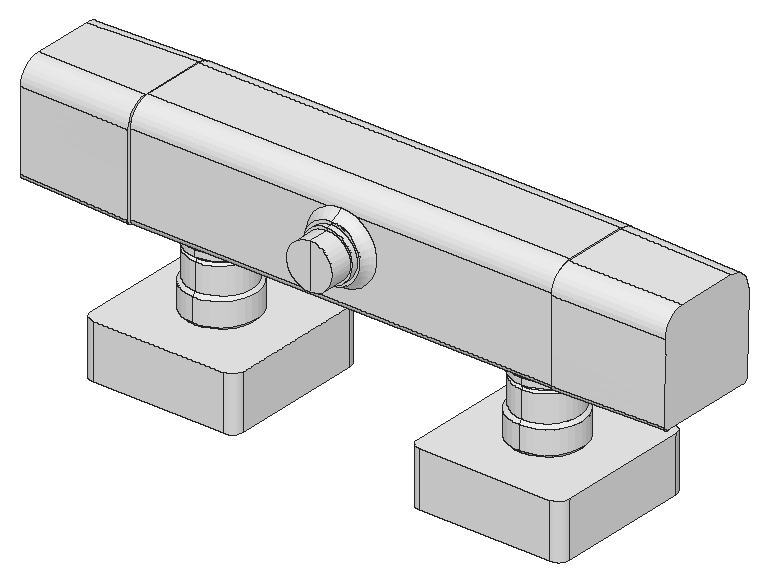
Revit family "ShowerMixer_Square_Ss3_Thermostatic_Vitra_AquaHeatSeries-A47160", category Plumbing Fixtures, host Face, Revit 2017
Family settings
  Host = Face
  Round Connector Dimension = Use Diameter
  Part Type = Normal
  OmniClass Number = 23.45.55.17
  OmniClass Title = Mixing Faucets
  Cut with Voids When Loaded = No
  Shared = Yes
  Room Calculation Point = No
Parameters (values of type "ShowerMixer_Square_Ss3_Thermostatic_Vitra_AquaHeatSeries-A47160")
  Youtube = "https://www.youtube.com/user/VitrAglobal"
  Weight Net (kg) = "2.5"
  Waste Connection = no
  Warranty Period (Year) = "10 Years"
  Vent Connection = no
  Uniformat II Description = "Plumbing Fixture"
  Uniformat II Code = "22 40 00"
  Uniclass 2015 Name = "Bath taps"
  Uniclass 2015 Code = "Pr_40_20_87_09"
  Uniclass 2.0 Description = "Bath taps"
  Uniclass 2.0 Code = "Pr_40_20_87_09"
  Uniclass 1.4 Description = "Mixer taps"
  Uniclass 1.4 Code = "L725111"
  URL = "https://vitraglobal.com/"
  UNSPSC Description = ""
  UNSPSC Code = ""
  Test Pressure = "16 bar"
  Technical description = "https://www.vitra.com.tr/pdf/A47160/"
  Tap hole Options (default) = ""
  Specification = ""
  Region South America = "All"
  Region Oceania = "All"
  Region North America = "All"
  Region Middle East = "All"
  Region Europe = "All"
  Region Asia = "All"
  Region Antarctica = "All"
  Region Africa = "All"
  Range of flow pressure = "1 - 5 bar"
  Range of Hot Water Supply = "5 - 65 °C"
  Product url = ""
  Product manual = ""
  Product group = "AquaHeat Shower Mixer"
  Product family = "AquaHeat"
  Product data url = "https://www.vitra.com.tr/armaturler/yikanma-alani-bataryalari/termostatik-bataryalar/aquaheat-ss3-dus-bataryasi-sku-A47160/"
  Product certification = "https://www.vitraglobal.com/brochures/"
  Product Type = "Shower Mixer"
  Product SKU = "A47160"
  Product Properties = "Water Saving"
  Product Guid = ""
  OmniClass Description = "Mixing Faucets"
  OmniClass Code = "23.45.55.17"
  Number Of Connections = "2"
  Nominal Width (mm) = 295 mm
  Nominal Height (mm) = 78 mm
  Nominal Depth (mm) = 112 mm
  NBS Referans Description = "Water supply fittings for baths"
  NBS Referans Code = "45-35-70/315"
  Mounting type = "Wall Mounted"
  Model = "A47160"
  Min. flow pressure of = "0.5 bar"
  Masterformat 2014 Description = "Plumbing Fixtures"
  Masterformat 2014 Code = "22 40 00"
  Manufacturer name = "Vitra"
  Manufacturer = "Vitra"
  Main Material = "Brass"
  Installation instructions = ""
  IFC Classification = "Sanitary Terminal"
  Hot Water temperature, factory set to = "38 °C"
  Hot Water Supply (max.) = "80 °C"
  Help = ""
  HW Connection = yes
  GTIP code = ""
  Flow Rate(L/min. - 3 bar) = ""
  Features = ""
  EAN code = ""
  Design country = "Turkey"
  Description = "Shower Mixer - Thermostatic - Square"
  Default Elevation = 850 mm
  Connection Diameter (mm) = 15 mm
  Color = "Chrome"
  Coating Material = Chrome
  Calculated flow = ""
  CW Connection = yes
  COBIe Type Category = ""
  Brand = "Artema"
  BIMobject category = "Bath/Shower Mixer"
  Article No. (default) = "A47160"
  Approvals = ""
  ApplicationType = ""
  Accessories (default) = ""
Types (3, lengths in mm): name | Warranty Period (Year) | Technical description | Product data url | Product SKU | Model | Brand | Article No. (default)
  ShowerMixer_Square_Ss3_Thermostatic_Vitra_AquaHeatSeries-A47160EXP | "7 Years" | "http://cdn.vitra.com.tr/501-A47160EKM-2A.jpg" | "https://www.vitra-bad.fr/fr/produits-sanitaires/page-de-detail/product/aquaheat-ss3-mitigeur-thermostatique-douche-chrome-ecoulement-douche-12-1.html" | "A47160EXP" | "A47160EXP" | "VitrA" | "A47160EXP"
  ShowerMixer_Square_Ss3_Thermostatic_Vitra_AquaHeatSeries-A47160EKM | "7 Years" | "http://cdn.vitra.com.tr/501-A47160EKM-2A.jpg" | "https://www.vitra-bad.fr/fr/produits-sanitaires/page-de-detail/product/aquaheat-ss3-mitigeur-thermostatique-douche-chrome-ecoulement-douche-12-1.html" | "A47160EKM" | "A47160EKM" | "VitrA" | "A47160EKM"
  ShowerMixer_Square_Ss3_Thermostatic_Vitra_AquaHeatSeries-A47160 | "10 Years" | "https://www.vitra.com.tr/pdf/A47160/" | "https://www.vitra.com.tr/armaturler/yikanma-alani-bataryalari/termostatik-bataryalar/aquaheat-ss3-dus-bataryasi-sku-A47160/" | "A47160" | "A47160" | "Artema" | "A47160"
Reference planes
  plane 1 "Center (Front/Back)": y = 0
  plane 2: z = 0
  plane 3 "Center (Left/Right)": x = 0
  plane 4: x = 146.821
  plane 5: x = -148.179
  plane 6: y = 35.272
  plane 7: y = -42.728
  plane 8: z = 112
Forms (mm)
  Extrusion 1, solid, material "Chrome" <- "Coating Material", detail levels medium+fine
    sketch origin (-75, 34.2, 0) x (1, 0, 0) y (0, 1, 0)
      loop
        arc (35, -4.2) -> (33.536, -0.664) -> (30, 0.8) r 5
        line (30, 0.8) -> (-30, 0.8)
        arc (-30, 0.8) -> (-33.536, -0.664) -> (-35, -4.2) r 5
        line (-35, -4.2) -> (-35, -65.2)
        arc (-35, -65.2) -> (-33.536, -68.736) -> (-30, -70.2) r 5
        line (-30, -70.2) -> (30, -70.2)
        arc (30, -70.2) -> (33.536, -68.736) -> (35, -65.2) r 5
        line (35, -65.2) -> (35, -4.2)
      loop
        arc (180, -70.2) -> (183.536, -68.736) -> (185, -65.2) r 5
        line (185, -65.2) -> (185, -4.2)
        arc (185, -4.2) -> (183.536, -0.664) -> (180, 0.8) r 5
        line (180, 0.8) -> (120, 0.8)
        arc (120, 0.8) -> (116.464, -0.664) -> (115, -4.2) r 5
        line (115, -4.2) -> (115, -65.2)
        arc (115, -65.2) -> (116.464, -68.736) -> (120, -70.2) r 5
        line (120, -70.2) -> (180, -70.2)
    from 0 to 25
  Blend 2, solid, material "Chrome" <- "Coating Material", detail levels medium+fine
    base sketch origin (97.402, -1.499, 84.295) x (0, 0, -1) y (0, -1, 0)
      loop
        line (21.78, -23.409) -> (21.795, 21.955)
        arc (21.795, 21.955) -> (21.209, 23.37) -> (19.795, 23.956) r 2
        line (19.795, 23.956) -> (-17.773, 23.956)
        arc (-17.773, 23.956) -> (-24.844, 21.027) -> (-27.773, 13.956) r 10
        line (-27.773, 13.956) -> (-27.773, -16.357)
        arc (-27.773, -16.357) -> (-24.754, -23.517) -> (-17.52, -26.354) r 10
        line (-17.52, -26.354) -> (19.831, -25.408)
        arc (19.831, -25.408) -> (21.212, -24.805) -> (21.78, -23.409) r 2
    top sketch origin (148.179, -1.531, 84.153) x (0, -1, 0) y (0, 0, -1)
      loop
        line (20.494, 21.168) -> (-22.624, 21.168)
        arc (-22.624, 21.168) -> (-24.02, 20.6) -> (-24.624, 19.218) r 2
        line (-24.624, 19.218) -> (-25.532, -16.642)
        arc (-25.532, -16.642) -> (-22.695, -23.876) -> (-15.535, -26.895) r 10
        line (-15.535, -26.895) -> (12.122, -26.895)
        arc (12.122, -26.895) -> (19.254, -23.904) -> (22.12, -16.72) r 10
        line (22.12, -16.72) -> (22.493, 19.203)
        arc (22.493, 19.203) -> (21.895, 20.594) -> (20.494, 21.168) r 2
    from 0 to 0
  Extrusion 3, solid, material "Chrome" <- "Coating Material", detail levels medium+fine
    sketch origin (97, -0.006, 87.522) x (0, 0, -1) y (0, 1, 0)
      loop
        arc (-24.546, -14.449) -> (-21.617, -21.52) -> (-14.546, -24.449) r 10
        line (-14.546, -24.449) -> (23.022, -24.449)
        arc (23.022, -24.449) -> (24.14, -24.185) -> (25.022, -23.448) r 2.499
        line (25.022, -23.448) -> (25.007, 21.916)
        arc (25.007, 21.916) -> (24.439, 23.312) -> (23.058, 23.915) r 2
        line (23.058, 23.915) -> (-14.293, 24.861)
        arc (-14.293, 24.861) -> (-21.527, 22.024) -> (-24.546, 14.864) r 10
        line (-24.546, 14.864) -> (-24.546, -14.449)
    from 0 to -194
  Blend 4, solid, material "Chrome" <- "Coating Material", detail levels medium+fine
    base sketch origin (-97.402, -1.499, 84.295) x (0, 0, -1) y (0, 1, 0)
      loop
        arc (21.78, 23.409) -> (21.212, 24.805) -> (19.831, 25.408) r 2
        line (19.831, 25.408) -> (-17.52, 26.354)
        arc (-17.52, 26.354) -> (-24.754, 23.517) -> (-27.773, 16.357) r 10
        line (-27.773, 16.357) -> (-27.773, -13.956)
        arc (-27.773, -13.956) -> (-24.844, -21.027) -> (-17.773, -23.956) r 10
        line (-17.773, -23.956) -> (19.795, -23.956)
        arc (19.795, -23.956) -> (21.209, -23.37) -> (21.795, -21.955) r 2
        line (21.795, -21.955) -> (21.78, 23.409)
    top sketch origin (-148.179, -1.531, 84.153) x (0, -1, 0) y (0, 0, 1)
      loop
        arc (20.494, -21.168) -> (21.895, -20.594) -> (22.493, -19.203) r 2
        line (22.493, -19.203) -> (22.12, 16.72)
        arc (22.12, 16.72) -> (19.254, 23.904) -> (12.122, 26.895) r 10
        line (12.122, 26.895) -> (-15.535, 26.895)
        arc (-15.535, 26.895) -> (-22.695, 23.876) -> (-25.532, 16.642) r 10
        line (-25.532, 16.642) -> (-24.624, -19.218)
        arc (-24.624, -19.218) -> (-24.02, -20.6) -> (-22.624, -21.168) r 2
        line (-22.624, -21.168) -> (20.494, -21.168)
    from 0 to 0
  Revolve 5, solid, material "Chrome" <- "Coating Material", detail levels fine
    sketch origin (-0.047, -41.728, 76.946) x (0, 0, 1) y (0, -1, 0)
      loop
        line (10.471, 1) -> (10.471, -16.898) -> (26.705, -16.898)
        arc (26.705, -16.898) -> (24.461, -14.589) -> (23.554, -11.5) r 6.695
        line (23.554, -11.5) -> (22.144, -11.5) -> (22.144, -9) -> (20.943, -9) -> (20.943, 1) -> (10.471, 1)
      axis (10.471, -16.898) -> (10.471, 1)
    angle from 0 to 360
  Revolve 6, solid, material "Chrome" <- "Coating Material", detail levels medium+fine
    sketch origin (-75, 35, 0) x (0, -1, 0) y (0, 0, 1)
      loop
        line (49.945, 25) -> (51.083, 26.138) -> (51.083, 36.846) -> (49.501, 38.428) -> (49.501, 50.499) -> (48.5, 51.5) -> (45, 51.5) -> (45, 53) -> (50, 53) -> (50, 55.77)
        arc (50, 55.77) -> (51.253, 60.053) -> (54.617, 62.985) r 7.947
        line (54.617, 62.985) -> (35, 62.985) -> (35, 25) -> (49.945, 25)
      axis (35, 62.985) -> (35, 25)
    angle from 0 to 360
  Revolve 7, solid, material "Chrome" <- "Coating Material", detail levels medium+fine
    sketch origin (75, 35, 0) x (0, -1, 0) y (0, 0, -1)
      loop
        line (49.945, -25) -> (35, -25) -> (35, -62.985) -> (54.617, -62.985)
        arc (54.617, -62.985) -> (51.253, -60.053) -> (50, -55.77) r 7.947
        line (50, -55.77) -> (50, -53) -> (45, -53) -> (45, -51.5) -> (48.5, -51.5) -> (49.501, -50.499) -> (49.501, -38.428) -> (51.083, -36.846) -> (51.083, -26.138) -> (49.945, -25)
      axis (35, -62.985) -> (35, -25)
    angle from 0 to 360
  Revolve 8, solid, material "Chrome" <- "Coating Material", detail levels fine
    sketch origin (-127.644, 31.853, 99.868) x (0, 0, -1) y (0, 1, 0)
      loop
        line (0.862, 0) -> (-0.132, 0) -> (-1.355, -1.026) -> (-1.355, -4.95)
        arc (-1.355, -4.95) -> (-1.948, -7.057) -> (-3.554, -8.546) r 4.04
        line (-3.554, -8.546) -> (12.368, -8.546) -> (12.368, 0) -> (12.368, 4.065)
        arc (12.368, 4.065) -> (6.813, 3.665) -> (1.348, 2.589) r 45.488
        arc (1.348, 2.589) -> (1.002, 2.363) -> (0.862, 1.975) r 0.651
        line (0.862, 1.975) -> (0.862, 0)
      axis (12.368, 4.065) -> (12.368, -8.546)
    angle from 0 to 360
  Revolve 9, solid, material "Chrome" <- "Coating Material", detail levels fine
    sketch origin (127.644, 31.853, 99.868) x (0, 0, -1) y (0, -1, 0)
      loop
        line (0.862, 0) -> (0.862, -1.975)
        arc (0.862, -1.975) -> (1.002, -2.363) -> (1.348, -2.589) r 0.651
        arc (1.348, -2.589) -> (6.813, -3.665) -> (12.368, -4.065) r 45.488
        line (12.368, -4.065) -> (12.368, 0) -> (12.368, 8.546) -> (-3.554, 8.546)
        arc (-3.554, 8.546) -> (-1.948, 7.057) -> (-1.355, 4.95) r 4.04
        line (-1.355, 4.95) -> (-1.355, 1.026) -> (-0.132, 0) -> (0.862, 0)
      axis (12.368, -4.065) -> (12.368, 8.546)
    angle from 0 to 360
  Extrusion 10, solid, detail levels coarse
    sketch origin (0, 0, 0) x (1, 0, 0) y (0, 1, 0)
      loop
        line (146.821, 35.272) -> (-148.179, 35.272) -> (-148.179, -42.728) -> (146.821, -42.728) -> (146.821, 35.272)
    from 0 to 112.068
Dimensions and locks
  "Nominal Width (mm)": plane 5 to plane 4
  "Nominal Height (mm)": plane 6 to plane 7
  "Nominal Depth (mm)": plane 8 to host face
  aligned and locked: plane 2 to host face
  aligned and locked: level to host face
Automatic sketch dimensions
  host sketch curve to host sketch curve = 2438.4 mm  (x2)
  Extrusion 1 sketch curve to plane 6 = 5.272 mm  (x2)
  Extrusion 1 sketch curve to plane 5 = 38.179 mm
  Extrusion 1 sketch curve to plane 6 = 0.272 mm
  Extrusion 1 sketch curve to Extrusion 1 sketch curve = 5 mm  (x5)
  plane 7 to Extrusion 1 sketch curve = 6.728 mm  (x2)
  Extrusion 1 sketch curve to plane 3 "Center (Left/Right)" = 45 mm  (x2)
  plane 3 "Center (Left/Right)" to Extrusion 1 sketch curve = 40 mm
  plane 4 to Extrusion 1 sketch curve = 41.821 mm  (x2)
  Blend 2 sketch curve to plane 1 "Center (Front/Back)" = 14.858 mm
  level to Blend 2 sketch curve = 112.068 mm
  Blend 2 sketch curve to Blend 2 sketch curve = 10 mm  (x4)
  Blend 2 sketch curve to plane 6 = 10.417 mm
  Blend 2 sketch curve to plane 6 = 13.363 mm
  Blend 2 sketch curve to Blend 2 sketch curve = 37.3 mm
  plane 7 to Blend 2 sketch curve = 17.273 mm
  Blend 2 sketch curve to Blend 2 sketch curve = 37.567 mm
  Blend 2 sketch curve to plane 6 = 11.363 mm
  Blend 2 sketch curve to Blend 2 sketch curve = 0.051 mm
  Blend 2 sketch curve to plane 6 = 13.362 mm
  plane 7 to Blend 2 sketch curve = 19.273 mm
  Blend 2 sketch curve to Blend 2 sketch curve = 2 mm  (x2)
  Blend 2 sketch curve to plane 6 = 11.271 mm
  Blend 2 sketch curve to plane 6 = 12.18 mm
  Blend 2 sketch curve to Blend 2 sketch curve = 1.999 mm
  Blend 2 sketch curve to plane 1 "Center (Front/Back)" = 14.004 mm
  plane 1 "Center (Front/Back)" to Blend 2 sketch curve = 13.653 mm
  plane 7 to Blend 2 sketch curve = 20.703 mm
  Blend 2 sketch curve to Blend 2 sketch curve = 9.998 mm
  level to Blend 2 sketch curve = 111.048 mm
  Blend 2 sketch curve to Blend 2 sketch curve = 35.81 mm
  Blend 2 sketch curve to Blend 2 sketch curve = 35.888 mm
  Blend 2 sketch curve to Blend 2 sketch curve = 0.035 mm
  plane 1 "Center (Front/Back)" to Extrusion 3 sketch curve = 14.455 mm
  level to Extrusion 3 sketch curve = 112.068 mm
  Extrusion 3 sketch curve to Extrusion 3 sketch curve = 10 mm  (x2)
  Extrusion 3 sketch curve to plane 6 = 10.417 mm
  Extrusion 3 sketch curve to Extrusion 3 sketch curve = 0.253 mm
  Extrusion 3 sketch curve to plane 6 = 13.363 mm
  Extrusion 3 sketch curve to Extrusion 3 sketch curve = 37.3 mm
  Extrusion 3 sketch curve to Extrusion 3 sketch curve = 37.567 mm
  Extrusion 3 sketch curve to plane 6 = 11.363 mm
  Extrusion 3 sketch curve to Extrusion 3 sketch curve = 0.051 mm
  Extrusion 3 sketch curve to plane 6 = 13.362 mm
  plane 7 to Extrusion 3 sketch curve = 19.273 mm
  Extrusion 3 sketch curve to Extrusion 3 sketch curve = 2 mm
  Blend 4 sketch curve to plane 1 "Center (Front/Back)" = 14.858 mm
  level to Blend 4 sketch curve = 112.068 mm
  Blend 4 sketch curve to Blend 4 sketch curve = 10 mm  (x2)
  Blend 4 sketch curve to plane 6 = 10.417 mm
  Blend 4 sketch curve to plane 6 = 13.363 mm
  Blend 4 sketch curve to Blend 4 sketch curve = 37.3 mm
  plane 7 to Blend 4 sketch curve = 17.273 mm
  Blend 4 sketch curve to Blend 4 sketch curve = 37.567 mm
  Blend 4 sketch curve to plane 6 = 11.363 mm
  Blend 4 sketch curve to Blend 4 sketch curve = 0.051 mm
  Blend 4 sketch curve to plane 6 = 13.362 mm
  plane 7 to Blend 4 sketch curve = 19.273 mm
  Blend 4 sketch curve to Blend 4 sketch curve = 2 mm  (x2)
  Blend 4 sketch curve to plane 6 = 11.271 mm
  Blend 4 sketch curve to plane 6 = 12.18 mm
  Blend 4 sketch curve to Blend 4 sketch curve = 1.999 mm
  Blend 4 sketch curve to plane 1 "Center (Front/Back)" = 14.004 mm
  plane 1 "Center (Front/Back)" to Blend 4 sketch curve = 13.653 mm
  plane 7 to Blend 4 sketch curve = 20.703 mm
  Blend 4 sketch curve to Blend 4 sketch curve = 9.998 mm
  level to Blend 4 sketch curve = 62.985 mm
  Blend 4 sketch curve to Blend 4 sketch curve = 1.949 mm
  Blend 4 sketch curve to Blend 4 sketch curve = 1.965 mm
  Blend 4 sketch curve to Blend 4 sketch curve = 35.86 mm
  Blend 4 sketch curve to Blend 4 sketch curve = 35.923 mm
  Blend 4 sketch curve to Blend 4 sketch curve = 0.175 mm
  Revolve 5 sketch curve to plane 7 = 0 mm
  level to Revolve 5 sketch curve = 87.418 mm
  Revolve 5 sketch curve to Revolve 5 sketch curve = 10.471 mm
  Revolve 5 sketch curve to Revolve 5 sketch curve = 1.201 mm
  Revolve 5 sketch curve to Revolve 5 sketch curve = 1.41 mm
  Revolve 5 sketch curve to Revolve 5 sketch curve = 3.152 mm
  Revolve 5 sketch curve to Revolve 5 sketch curve = 6.689 mm
  plane 7 to Revolve 5 sketch curve = 10 mm
  Revolve 5 sketch curve to Revolve 5 sketch curve = 2.213 mm
  Revolve 5 sketch curve to Revolve 5 sketch curve = 2.5 mm
  Revolve 5 sketch curve to Revolve 5 sketch curve = 0 mm
  Revolve 5 sketch curve to Revolve 5 sketch curve = 2.663 mm
  Revolve 5 sketch curve to Revolve 5 sketch curve = 3.713 mm
  Revolve 6 sketch curve to plane 1 "Center (Front/Back)" = 0 mm  (x2)
  plane 1 "Center (Front/Back)" to Revolve 6 sketch curve = 10 mm
  Revolve 6 sketch curve to Revolve 6 sketch curve = 3.5 mm
  Revolve 6 sketch curve to Revolve 6 sketch curve = 1.001 mm  (x2)
  Revolve 6 sketch curve to Revolve 6 sketch curve = 0.444 mm
  Revolve 6 sketch curve to Revolve 6 sketch curve = 1.5 mm  (x2)
  Revolve 6 sketch curve to Revolve 6 sketch curve = 1.138 mm  (x2)
  Revolve 6 sketch curve to Revolve 6 sketch curve = 4.617 mm
  Revolve 6 sketch curve to Revolve 6 sketch curve = 7.947 mm
  level to Revolve 6 sketch curve = 25 mm
  Revolve 6 sketch curve to Revolve 6 sketch curve = 10.709 mm
  Revolve 6 sketch curve to Revolve 6 sketch curve = 1.581 mm
  Revolve 6 sketch curve to Revolve 6 sketch curve = 12.071 mm
  Revolve 6 sketch curve to Revolve 6 sketch curve = 2.77 mm
  Revolve 6 sketch curve to Revolve 6 sketch curve = 4.489 mm
  Revolve 6 sketch curve to Revolve 6 sketch curve = 5.975 mm
  Revolve 7 sketch curve to plane 1 "Center (Front/Back)" = 0 mm  (x2)
  plane 1 "Center (Front/Back)" to Revolve 7 sketch curve = 10 mm
  Revolve 7 sketch curve to Revolve 7 sketch curve = 3.5 mm
  Revolve 7 sketch curve to Revolve 7 sketch curve = 1.001 mm  (x2)
  Revolve 7 sketch curve to Revolve 7 sketch curve = 0.444 mm
  Revolve 7 sketch curve to Revolve 7 sketch curve = 1.5 mm  (x2)
  Revolve 7 sketch curve to Revolve 7 sketch curve = 1.138 mm  (x2)
  Revolve 7 sketch curve to Revolve 7 sketch curve = 4.617 mm
  Revolve 7 sketch curve to Revolve 7 sketch curve = 7.947 mm
  level to Revolve 7 sketch curve = 62.985 mm
  Revolve 7 sketch curve to Revolve 7 sketch curve = 2.77 mm
  Revolve 7 sketch curve to Revolve 7 sketch curve = 12.071 mm
  Revolve 7 sketch curve to Revolve 7 sketch curve = 1.581 mm
  Revolve 7 sketch curve to Revolve 7 sketch curve = 10.709 mm
  Revolve 7 sketch curve to Revolve 7 sketch curve = 5.975 mm
  Revolve 7 sketch curve to Revolve 7 sketch curve = 10 mm
  Revolve 8 sketch curve to plane 6 = 8.37 mm
  level to Revolve 8 sketch curve = 105.263 mm
  Revolve 8 sketch curve to Revolve 8 sketch curve = 1.841 mm
  Revolve 8 sketch curve to Revolve 8 sketch curve = 4.04 mm
  Revolve 8 sketch curve to Revolve 8 sketch curve = 1.223 mm
  Revolve 8 sketch curve to Revolve 8 sketch curve = 0.994 mm
  Revolve 8 sketch curve to Revolve 8 sketch curve = 0.651 mm
  Revolve 8 sketch curve to Revolve 8 sketch curve = 13.723 mm
  plane 6 to Revolve 8 sketch curve = 0.646 mm
  Revolve 8 sketch curve to Revolve 8 sketch curve = 0 mm  (x3)
  plane 1 "Center (Front/Back)" to Revolve 8 sketch curve = 9.567 mm
  Revolve 8 sketch curve to Revolve 8 sketch curve = 0.485 mm
  Revolve 8 sketch curve to Revolve 8 sketch curve = 3.924 mm
  Revolve 8 sketch curve to Revolve 8 sketch curve = 1.026 mm
  Revolve 8 sketch curve to plane 6 = 1.46 mm
  Revolve 8 sketch curve to Revolve 8 sketch curve = 0.015 mm
  Revolve 8 sketch curve to Revolve 8 sketch curve = 3.271 mm
  Revolve 8 sketch curve to Revolve 8 sketch curve = 3.152 mm
  Revolve 8 sketch curve to Revolve 8 sketch curve = 2.123 mm
  Revolve 9 sketch curve to plane 6 = 8.37 mm
  level to Revolve 9 sketch curve = 105.263 mm
  Revolve 9 sketch curve to Revolve 9 sketch curve = 1.841 mm
  Revolve 9 sketch curve to Revolve 9 sketch curve = 4.04 mm
  Revolve 9 sketch curve to Revolve 9 sketch curve = 1.223 mm
  Revolve 9 sketch curve to Revolve 9 sketch curve = 0.994 mm
  Revolve 9 sketch curve to Revolve 9 sketch curve = 0.651 mm
  Revolve 9 sketch curve to Revolve 9 sketch curve = 13.723 mm
  plane 6 to Revolve 9 sketch curve = 0.646 mm
  Revolve 9 sketch curve to Revolve 9 sketch curve = 0 mm  (x3)
  plane 1 "Center (Front/Back)" to Revolve 9 sketch curve = 9.567 mm
  Revolve 9 sketch curve to Revolve 9 sketch curve = 0.485 mm
  Revolve 9 sketch curve to plane 6 = 1.445 mm
  Revolve 9 sketch curve to Revolve 9 sketch curve = 0.015 mm
  Revolve 9 sketch curve to Revolve 9 sketch curve = 1.975 mm
  Revolve 9 sketch curve to Revolve 9 sketch curve = 1.026 mm
  Revolve 9 sketch curve to plane 6 = 3.42 mm
  Revolve 9 sketch curve to Revolve 9 sketch curve = 2.123 mm
  Revolve 9 sketch curve to Revolve 9 sketch curve = 3.152 mm
  Extrusion 10 sketch curve to plane 5 = 0 mm
  Extrusion 10 sketch curve to plane 4 = 0 mm
  Extrusion 10 sketch curve to plane 7 = 0 mm
  Extrusion 10 sketch curve to plane 6 = 0 mm
Connectors
  piping at (75, -0.5, 0), diameter 15, driven by "Connection Diameter (mm)", driven by "CW Connection"
    settings: on Extrusion 1, index 1, connector inside diameter 609.6 mm, connector length 0 mm, flow factor 0, pipe flow 0.0 L/s, pressure drop 0.0 Pa, fitting loss kfactor 0, connector angle 0.00°, fixture units 0, engagement length 0 mm, angle of deflection 0.00°, flow configuration 0, flow direction 1, fitting loss method 0, system type 20, joint type 0, gender type 0, connector reference index -1, connector utility 1, adjustable connector no, is connector primary yes, connector description ""
  piping at (-75, -0.5, 0), diameter 15, driven by "Connection Diameter (mm)", driven by "HW Connection"
    settings: on Extrusion 1, index 2, connector inside diameter 609.6 mm, connector length 0 mm, flow factor 0, pipe flow 0.0 L/s, pressure drop 0.0 Pa, fitting loss kfactor 0, connector angle 0.00°, fixture units 0, engagement length 0 mm, angle of deflection 0.00°, flow configuration 0, flow direction 1, fitting loss method 0, system type 19, joint type 0, gender type 0, connector reference index -1, connector utility 1, adjustable connector no, is connector primary no, connector description ""
